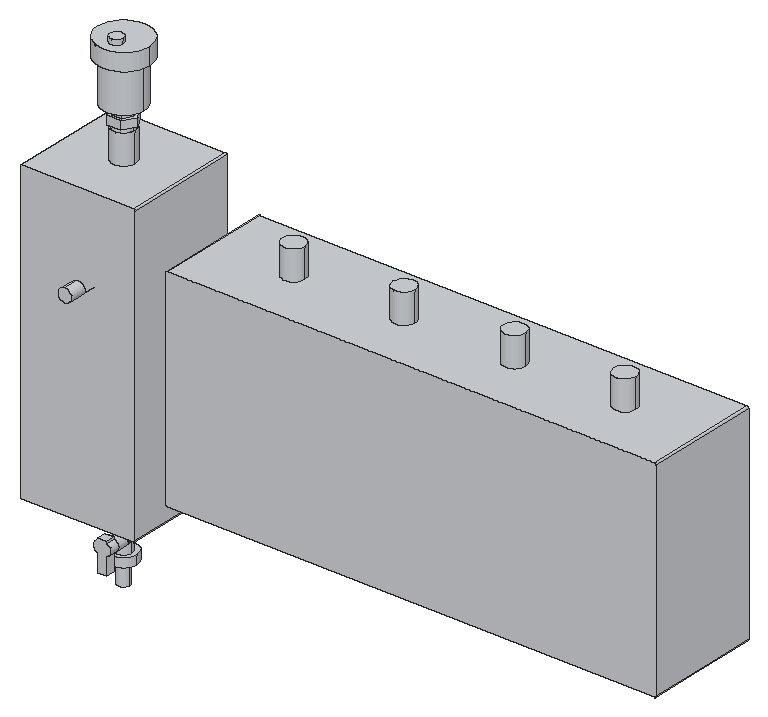
Revit family "318_948f5dd65d0044a1a0a2308d86646a", category Pipe Accessories, Revit 2022
Family settings
  Round Connector Dimension = Use Diameter
  Part Type = Valve - Normal
  Work Plane-Based = No
  Always vertical = Yes
  Cut with Voids When Loaded = No
  Shared = No
Parameters (values of type "2192 11402")
  magiProductId = "948f5dd65d0044a1a0a2308d86646a"
  magiProductFamilyId = "948f5dd65d0044a1a0a2308d86646a"
  magiPartTypeId = 318
  Z1 = 29.4 mm
  VersionID = "2.0/2020.4.30.1/FAR_2192_001"
  TR1 = 29.25 mm
  TR = 22.75 mm
  RT2 = 11.7 mm
  RT1 = 15.6 mm
  RT = 7.5 mm
  RR3 = 15 mm
  RR = 13 mm
  RC1 = 14.4 mm
  RC = 27 mm
  R2 = 7.5 mm
  R = 12.5 mm
  QmdConnectorList = "321;MP1;322;D;323;D;351;MP3;352;D;353;D"
  Productdata [instance] = "© MagiCAD Group, all rights reserved"
  NR1 = 9.375 mm
  NR = 6.75 mm
  N3 = no
  N = 2
  Manufacturer = "FAR"
  MP3 = 32 mm
  MP1 = 32 mm
  MC Product Code = "2192 11402"
  MC Piping Pressure Drop 2 [instance] = 0.0 Pa
  MC Piping Pressure Drop 1 [instance] = 0.0 Pa
  MC Piping Flow 2:2 [instance] = 0.0 L/s
  MC Piping Flow 2:1 [instance] = 0.0 L/s
  MC Piping Flow 1:2 [instance] = 0.0 L/s
  MC Piping Flow 1:1 [instance] = 0.0 L/s
  MC Piping Flow [instance] = 0.0 L/s
  LM = 140 mm
  LL = 100 mm
  L1__ve = -L1  # -15 mm
  L1 = 15 mm
  L = 200 mm
  HT1 = 102 mm
  HT = 135 mm
  HH__ve = -HH  # -83 mm
  HH = 83 mm
  H = 125 mm
  G2__ve = -G2  # -130 mm
  G2 = 130 mm
  Flow supply main [instance] = Flow supply 1 + Flow supply 2  # 0.0 L/s
  Flow supply 2 [instance] = 0.0 L/s
  Flow supply 1 [instance] = 0.0 L/s
  Flow return main [instance] = Flow return 1 + Flow return 2  # 0.0 L/s
  Flow return 2 [instance] = 0.0 L/s
  Flow return 1 [instance] = 0.0 L/s
  FT__ve = -FT  # -15 mm
  FT = 15 mm
  F = 125 mm
  ER = 4.8 mm
  EE = 8 mm
  E4 = 9.6 mm
  E3 = 19.2 mm
  E2 = 48 mm
  E12__ve = -E12  # -33 mm
  E12 = 33 mm
  E = 96 mm
  Description = "Central heating distr. unit, 2+1 ports, 1\"1/4 side conn."
  Default Elevation = 0 mm
  DM3 = 20 mm
  DM2 = 16.25 mm
  D2 = 15 mm
  D = 25 mm
  CenSd_RT2_6 = RT2 * cos(30.00°)  # 10.132 mm
  CenSd_RT1_6 = RT1 * cos(30.00°)  # 13.51 mm
  CenSd_DM3_6 = DM3 * cos(30.00°)  # 17.321 mm
  CenSd_DM2_6 = DM2 * cos(30.00°)  # 14.073 mm
  CAT0 = yes
  CAT = 0
  C = 65 mm
  BLL = 92.5 mm
  BL = 555 mm
  BB = 144 mm
  B = 755 mm
  AA = 470 mm
  A = 59 mm
Reference planes
  plane 1 "Center (Front/Back)": y = 0
  plane 2 "XYPLANE": z = 0
  plane 3 "Center (Left/Right)": x = 0
  plane 4 "663": z = 85
  plane 5 "647": x = 917.5
  plane 6 "646": x = 792.5
  plane 7 "645": x = 667.5
  plane 8 "644": x = 542.5
  plane 9 "643": x = 417.5
  plane 10 "642": x = 292.5
  plane 11 "632": x = 755
  plane 12 "631": z = 52
  plane 13 "630": z = -186
  plane 14 "619": y = -10
  plane 15 "617": z = 226.2
  plane 16 "616": z = 207
  plane 17 "615": z = 159
  plane 18 "614": z = 149.4
  plane 19 "613": z = 139.8
  plane 20 "612": z = 135
  plane 21 "574": z = -304
  plane 22 "555": x = 30
  plane 23 "554": x = 15
  plane 24 "548": y = 65
  plane 25 "547": x = 165
  plane 26 "506": z = -273
  plane 27 "505": z = -286
  plane 28 "504": z = -306
  plane 29 "503": z = -271
  plane 30 "502": z = -281
  plane 31 "482": z = -294
  plane 32 "470": x = 95
  plane 33 "469": x = 105
  plane 34 "464": y = -20
  plane 35 "425": z = -236
  plane 36 "421": z = -269
  plane 37 "412": x = 35
  plane 38 "410": z = 102
  plane 39 "399": z = -125
  plane 40 "309": x = 185
  plane 41 "77": y = 0
  plane 42 "76": z = 0
  plane 43 "75": x = 100
  plane 44 "74": x = 0
  plane 45 "73": x = 200
Forms (mm)
  Extrusion 1, solid
    sketch origin (-750, 0, -186) x (1, 0, 0) y (0, 1, 0)
      loop
        circle (1292.5, 0) r 12.5
    from 0 to -33 <- "E12__ve"
  Extrusion 2, solid
    sketch origin (-750, 0, -186) x (1, 0, 0) y (0, 1, 0)
      loop
        circle (1167.5, 0) r 12.5
    from 0 to -33 <- "E12__ve"
  Extrusion 3, solid, visible <- "N3"
    sketch origin (-750, 0, 52) x (1, 0, 0) y (0, 1, 0)
      loop
        circle (1667.5, 0) r 12.5
    from 0 to 33 <- "E12"
  Extrusion 4, solid, visible <- "N3"
    sketch origin (-750, 0, 52) x (1, 0, 0) y (0, 1, 0)
      loop
        circle (1542.5, 0) r 12.5
    from 0 to 33 <- "E12"
  Extrusion 5, solid
    sketch origin (-750, 0, 52) x (1, 0, 0) y (0, 1, 0)
      loop
        circle (1417.5, 0) r 12.5
    from 0 to 33 <- "E12"
  Extrusion 6, solid
    sketch origin (-750, 0, 52) x (1, 0, 0) y (0, 1, 0)
      loop
        circle (1292.5, 0) r 12.5
    from 0 to 33 <- "E12"
  Extrusion 7, solid
    sketch origin (-750, 0, 52) x (1, 0, 0) y (0, 1, 0)
      loop
        circle (1167.5, 0) r 12.5
    from 0 to 33 <- "E12"
  Extrusion 8, solid
    sketch origin (-750, 0, 52) x (1, 0, 0) y (0, 1, 0)
      loop
        circle (1042.5, 0) r 12.5
    from 0 to 33 <- "E12"
  Extrusion 9, solid
    sketch origin (750, 65, 0) x (-1, 0, 0) y (0, 0, 1)
      loop
        arc (548, -186) -> (549.414, -185.414) -> (550, -184) r 2
        line (550, -184) -> (550, 50)
        arc (550, 50) -> (549.414, 51.414) -> (548, 52) r 2
        line (548, 52) -> (-3, 52)
        arc (-3, 52) -> (-4.414, 51.414) -> (-5, 50) r 2
        line (-5, 50) -> (-5, -184)
        arc (-5, -184) -> (-4.414, -185.414) -> (-3, -186) r 2
        line (-3, -186) -> (548, -186)
    from 0 to -130 <- "G2__ve"
  Extrusion 10, solid
    sketch origin (200, -750, 0) x (0, 1, 0) y (0, 0, 1)
      loop
        circle (750, -125) r 12.5
    from 0 to -15 <- "FT__ve"
  Extrusion 11, solid
    sketch origin (200, -750, 0) x (0, 1, 0) y (0, 0, 1)
      loop
        circle (750, 0) r 12.5
    from 0 to -15 <- "FT__ve"
  Extrusion 12, solid
    sketch origin (-750, 0, 226.2) x (1, 0, 0) y (0, 1, 0)
      loop
        circle (850, -10) r 7.5
    from 0 to 4.8 <- "ER"
  Extrusion 13, solid
    sketch origin (-750, 0, 207) x (1, 0, 0) y (0, 1, 0)
      loop
        circle (850, 0) r 29.25
    from 0 to 19.2 <- "E3"
  Extrusion 14, solid
    sketch origin (-750, 0, 159) x (1, 0, 0) y (0, 1, 0)
      loop
        circle (850, 0) r 22.75
    from 0 to 48 <- "E2"
  Extrusion 15, solid
    sketch origin (-750, 0, 149.4) x (1, 0, 0) y (0, 1, 0)
      loop
        line (861.7, 0) -> (855.85, 10.132) -> (844.15, 10.132) -> (838.3, 0) -> (844.15, -10.132) -> (855.85, -10.132) -> (861.7, 0)
    from 0 to 9.6 <- "E4"
  Extrusion 16, solid
    sketch origin (-750, 0, 139.8) x (1, 0, 0) y (0, 1, 0)
      loop
        line (865.6, 0) -> (857.8, 13.51) -> (842.2, 13.51) -> (834.4, 0) -> (842.2, -13.51) -> (857.8, -13.51) -> (865.6, 0)
    from 0 to 9.6 <- "E4"
  Extrusion 17, solid
    sketch origin (-750, 0, 135) x (1, 0, 0) y (0, 1, 0)
      loop
        circle (850, 0) r 11.7
    from 0 to 4.8 <- "ER"
  Extrusion 18, solid
    sketch origin (0, -750, 0) x (0, 1, 0) y (0, 0, 1)
      loop
        line (750, 16.25) -> (735.927, 8.125) -> (735.927, -8.125) -> (750, -16.25) -> (764.073, -8.125) -> (764.073, 8.125) -> (750, 16.25)
      loop
        circle (750, 0) r 12.5
    from 0 to 15 <- "FT"
  Extrusion 19, solid
    sketch origin (0, -750, 0) x (0, 1, 0) y (0, 0, 1)
      loop
        line (750, -108.75) -> (735.927, -116.875) -> (735.927, -133.125) -> (750, -141.25) -> (764.073, -133.125) -> (764.073, -116.875) -> (750, -108.75)
      loop
        circle (750, -125) r 12.5
    from 0 to 15 <- "FT"
  Extrusion 20, solid
    sketch origin (-750, 0, -294) x (1, 0, 0) y (0, 1, 0)
      loop
        circle (850, 0) r 15
    from 0 to -10
  Extrusion 21, solid
    sketch origin (-750, 0, -304) x (1, 0, 0) y (0, 1, 0)
      loop
        circle (850, 0) r 6.75
    from 0 to -24
  Extrusion 22, solid
    sketch origin (15, -750, 0) x (0, 1, 0) y (0, 0, 1)
      loop
        line (750, -105) -> (732.679, -115) -> (732.679, -135) -> (750, -145) -> (767.321, -135) -> (767.321, -115) -> (750, -105)
    from 0 to 15 <- "L1"
  Extrusion 23, solid
    sketch origin (15, -750, 0) x (0, 1, 0) y (0, 0, 1)
      loop
        line (750, 20) -> (732.679, 10) -> (732.679, -10) -> (750, -20) -> (767.321, -10) -> (767.321, 10) -> (750, 20)
    from 0 to 15 <- "L1"
  Extrusion 24, solid
    sketch origin (185, -750, 0) x (0, 1, 0) y (0, 0, 1)
      loop
        line (750, -105) -> (732.679, -115) -> (732.679, -135) -> (750, -145) -> (767.321, -135) -> (767.321, -115) -> (750, -105)
    from 0 to -15 <- "L1__ve"
  Extrusion 25, solid
    sketch origin (185, -750, 0) x (0, 1, 0) y (0, 0, 1)
      loop
        line (750, 20) -> (732.679, 10) -> (732.679, -10) -> (750, -20) -> (767.321, -10) -> (767.321, 10) -> (750, 20)
    from 0 to -15 <- "L1__ve"
  Extrusion 26, solid
    sketch origin (750, 65, 0) x (-1, 0, 0) y (0, 0, 1)
      loop
        arc (713, -236) -> (714.414, -235.414) -> (715, -234) r 2
        line (715, -234) -> (715, 100)
        arc (715, 100) -> (714.414, 101.414) -> (713, 102) r 2
        line (713, 102) -> (587, 102)
        arc (587, 102) -> (585.586, 101.414) -> (585, 100) r 2
        line (585, 100) -> (585, -234)
        arc (585, -234) -> (585.586, -235.414) -> (587, -236) r 2
        line (587, -236) -> (713, -236)
    from 0 to -130 <- "G2__ve"
  Extrusion 27, solid
    sketch origin (750, 0, 0) x (-1, 0, 0) y (0, 0, 1)
      loop
        circle (650, -281) r 8
    from 0 to -20
  Extrusion 28, solid
    sketch origin (750, -20, 0) x (-1, 0, 0) y (0, 0, 1)
      loop
        line (655, -273) -> (655, -271) -> (645, -271) -> (645, -273)
        arc (645, -273) -> (640, -279.5) -> (645, -286) r 6.725
        line (645, -286) -> (645, -306) -> (655, -306) -> (655, -286)
        arc (655, -286) -> (660, -279.5) -> (655, -273) r 6.725
    from 0 to -10
  Extrusion 29, solid
    sketch origin (-750, 0, -236) x (1, 0, 0) y (0, 1, 0)
      loop
        circle (850, 0) r 13
    from 0 to -33 <- "E12__ve"
  Extrusion 30, solid
    sketch origin (-750, 0, -269) x (1, 0, 0) y (0, 1, 0)
      loop
        circle (850, 0) r 9.375
    from 0 to -25
  Extrusion 31, solid
    sketch origin (750, 0, 0) x (-1, 0, 0) y (0, 0, 1)
      loop
        circle (650, 0) r 7.5
    from 0 to -83 <- "HH__ve"
  Extrusion 32, solid
    sketch origin (-750, 0, 102) x (1, 0, 0) y (0, 1, 0)
      loop
        circle (850, 0) r 13
    from 0 to 33 <- "E12"
  Extrusion 33, solid
    sketch origin (30, -750, 0) x (0, 1, 0) y (0, 0, 1)
      loop
        circle (750, -125) r 12.5
    from 0 to 140 <- "LM"
  Extrusion 34, solid
    sketch origin (30, -750, 0) x (0, 1, 0) y (0, 0, 1)
      loop
        circle (750, 0) r 12.5
    from 0 to 140 <- "LM"
  Extrusion 35, solid, not visible
    sketch origin (-750, 0, 85) x (1, 0, 0) y (0, 1, 0)
      loop
        circle (1417.5, 0) r 10
    from 0 to -10
  Extrusion 36, solid, not visible
    sketch origin (-750, 0, 85) x (1, 0, 0) y (0, 1, 0)
      loop
        circle (1292.5, 0) r 10
    from 0 to -10
  Extrusion 37, solid, not visible
    sketch origin (-750, 0, 85) x (1, 0, 0) y (0, 1, 0)
      loop
        circle (1167.5, 0) r 10
    from 0 to -10
  Extrusion 38, solid, not visible
    sketch origin (0, -750, 0) x (0, 1, 0) y (0, 0, 1)
      loop
        circle (750, -125) r 10
    from 0 to 10
  Extrusion 39, solid, not visible
    sketch origin (0, -750, 0) x (0, 1, 0) y (0, 0, 1)
      loop
        circle (750, 0) r 10
    from 0 to 10
  Extrusion 40, solid, not visible
    sketch origin (-750, 0, 85) x (1, 0, 0) y (0, 1, 0)
      loop
        circle (1042.5, 0) r 10
    from 0 to -10
Lines and regions (mm)
  reference lines, not visible
    curve 1: circle (2, 2, 0) r 1 normal (0, 0, 1)
  reference lines
    curve 2: line (100, 0, 149.4) -> (97.075, -5.066, 149.4)
    curve 3: line (100, 0, 149.4) -> (94.15, 0, 149.4)
    curve 4: line (100, 0, 149.4) -> (97.075, 5.066, 149.4)
    curve 5: line (100, 0, 139.8) -> (96.1, -6.755, 139.8)
    curve 6: line (100, 0, 139.8) -> (92.2, 0, 139.8)
    curve 7: line (100, 0, 139.8) -> (96.1, 6.755, 139.8)
    curve 8: line (0, 0, 0) -> (0, 7.036, -4.062)
    curve 9: line (0, 0, 0) -> (0, 0, -8.125)
    curve 10: line (0, 0, 0) -> (0, -7.036, -4.063)
    curve 11: line (0, 0, -125) -> (0, 7.036, -129.063)
    curve 12: line (0, 0, -125) -> (0, 0, -133.125)
    curve 13: line (0, 0, -125) -> (0, -7.036, -129.063)
    curve 14: line (15, 0, -125) -> (15, 8.66, -130)
    curve 15: line (15, 0, -125) -> (15, 0, -135)
    curve 16: line (15, 0, -125) -> (15, -8.66, -130)
    curve 17: line (15, 0, 0) -> (15, 8.66, -5)
    curve 18: line (15, 0, 0) -> (15, 0, -10)
    curve 19: line (15, 0, 0) -> (15, -8.66, -5)
    curve 20: line (185, 0, -125) -> (185, -8.66, -130)
    curve 21: line (185, 0, -125) -> (185, 0, -135)
    curve 22: line (185, 0, -125) -> (185, 8.66, -130)
    curve 23: line (185, 0, 0) -> (185, -8.66, -5)
    curve 24: line (185, 0, 0) -> (185, 0, -10)
    curve 25: line (185, 0, 0) -> (185, 8.66, -5)
    curve 26: line (105, -20, -273) -> (105, -20, -286)
    curve 27: line (95, -20, -286) -> (95, -20, -273)
Dimensions and locks
  plane 1 "Center (Front/Back)" to curve 1 = 2 mm
  "E12": plane 12 "631" to plane 4 "663"
  "H": plane 6 "646" to plane 5 "647"
  "H": plane 7 "645" to plane 6 "646"
  "H": plane 8 "644" to plane 7 "645"
  "H": plane 9 "643" to plane 8 "644"
  "H": plane 10 "642" to plane 9 "643"
  "BLL": plane 45 "73" to plane 10 "642"
  "B": plane 44 "74" to plane 11 "632"
  locked: plane 38 "410" to plane 12 "631" at 50
  locked: plane 35 "425" to plane 13 "630" at 50
  locked: plane 41 "77" to plane 14 "619" at 10
  "E3": plane 16 "616" to plane 15 "617"
  "E2": plane 17 "615" to plane 16 "616"
  "E4": plane 18 "614" to plane 17 "615"
  "E4": plane 19 "613" to plane 18 "614"
  "ER": plane 20 "612" to plane 19 "613"
  "E12": plane 38 "410" to plane 20 "612"
  locked: plane 31 "482" to plane 21 "574" at 10
  "L1": plane 23 "554" to plane 22 "555"
  "FT": plane 44 "74" to plane 23 "554"
  "C": plane 1 "Center (Front/Back)" to plane 24 "548"
  "C": plane 43 "75" to plane 25 "547"
  locked: plane 29 "503" to plane 26 "506" at 2
  locked: plane 28 "504" to plane 27 "505" at 20
  locked: plane 30 "502" to plane 28 "504" at 25
  locked: plane 30 "502" to plane 29 "503" at 10
  locked: plane 36 "421" to plane 30 "502" at 12
  locked: plane 36 "421" to plane 31 "482" at 25
  locked: plane 43 "75" to plane 32 "470" at 5
  locked: plane 43 "75" to plane 33 "469" at 5
  locked: plane 41 "77" to plane 34 "464" at 20
  "E12": plane 36 "421" to plane 35 "425"
  "BB": plane 39 "399" to plane 36 "421"
  "C": plane 43 "75" to plane 37 "412"
  "HT1": plane 2 "XYPLANE" to plane 38 "410"
  "F": plane 2 "XYPLANE" to plane 39 "399"
  "FT": plane 45 "73" to plane 40 "309"
  locked: plane 1 "Center (Front/Back)" to plane 41 "77"
  locked: plane 2 "XYPLANE" to plane 42 "76"
  "LL": plane 3 "Center (Left/Right)" to plane 43 "75"
  locked: plane 3 "Center (Left/Right)" to plane 44 "74"
  "L": plane 3 "Center (Left/Right)" to plane 45 "73"
  Extrusion 9 sketch curve to Extrusion 9 sketch curve = 0 mm  (x16)
  "CenSd_RT2_6": curve 2 to Extrusion 15 sketch curve  (x2)
  "CenSd_RT2_6": curve 3 to Extrusion 15 sketch curve  (x2)
  "CenSd_RT2_6": curve 4 to Extrusion 15 sketch curve  (x2)
  Extrusion 15 sketch curve to Extrusion 15 sketch curve = 0 mm  (x12)
  "CenSd_RT1_6": curve 5 to Extrusion 16 sketch curve  (x2)
  "CenSd_RT1_6": curve 6 to Extrusion 16 sketch curve  (x2)
  "CenSd_RT1_6": curve 7 to Extrusion 16 sketch curve  (x2)
  Extrusion 16 sketch curve to Extrusion 16 sketch curve = 0 mm  (x12)
  "CenSd_DM2_6": curve 8 to Extrusion 18 sketch curve  (x2)
  "CenSd_DM2_6": curve 9 to Extrusion 18 sketch curve  (x2)
  "CenSd_DM2_6": curve 10 to Extrusion 18 sketch curve  (x2)
  Extrusion 18 sketch curve to Extrusion 18 sketch curve = 0 mm  (x12)
  "CenSd_DM2_6": curve 11 to Extrusion 19 sketch curve  (x2)
  "CenSd_DM2_6": curve 12 to Extrusion 19 sketch curve  (x2)
  "CenSd_DM2_6": curve 13 to Extrusion 19 sketch curve  (x2)
  Extrusion 19 sketch curve to Extrusion 19 sketch curve = 0 mm  (x12)
  "CenSd_DM3_6": curve 14 to Extrusion 22 sketch curve  (x2)
  "CenSd_DM3_6": curve 15 to Extrusion 22 sketch curve  (x2)
  "CenSd_DM3_6": curve 16 to Extrusion 22 sketch curve  (x2)
  Extrusion 22 sketch curve to Extrusion 22 sketch curve = 0 mm  (x12)
  "CenSd_DM3_6": curve 17 to Extrusion 23 sketch curve  (x2)
  "CenSd_DM3_6": curve 18 to Extrusion 23 sketch curve  (x2)
  "CenSd_DM3_6": curve 19 to Extrusion 23 sketch curve  (x2)
  Extrusion 23 sketch curve to Extrusion 23 sketch curve = 0 mm  (x12)
  "CenSd_DM3_6": curve 20 to Extrusion 24 sketch curve  (x2)
  "CenSd_DM3_6": curve 21 to Extrusion 24 sketch curve  (x2)
  "CenSd_DM3_6": curve 22 to Extrusion 24 sketch curve  (x2)
  Extrusion 24 sketch curve to Extrusion 24 sketch curve = 0 mm  (x12)
  "CenSd_DM3_6": curve 23 to Extrusion 25 sketch curve  (x2)
  "CenSd_DM3_6": curve 24 to Extrusion 25 sketch curve  (x2)
  "CenSd_DM3_6": curve 25 to Extrusion 25 sketch curve  (x2)
  Extrusion 25 sketch curve to Extrusion 25 sketch curve = 0 mm  (x12)
  Extrusion 26 sketch curve to Extrusion 26 sketch curve = 0 mm  (x16)
  Extrusion 28 sketch curve to Extrusion 28 sketch curve = 0 mm  (x16)
  "R": radius of Extrusion 1 sketch curve
  "R": radius of Extrusion 2 sketch curve
  "R": radius of Extrusion 3 sketch curve
  "R": radius of Extrusion 4 sketch curve
  "R": radius of Extrusion 5 sketch curve
  "R": radius of Extrusion 6 sketch curve
  "R": radius of Extrusion 7 sketch curve
  "R": radius of Extrusion 8 sketch curve
  radius of Extrusion 9 sketch curve = 2 mm  (x4)
  "R": radius of Extrusion 10 sketch curve
  "R": radius of Extrusion 11 sketch curve
  "RT": radius of Extrusion 12 sketch curve
  "TR1": radius of Extrusion 13 sketch curve
  "TR": radius of Extrusion 14 sketch curve
  "RT2": radius of Extrusion 17 sketch curve
  "R": radius of Extrusion 18 sketch curve
  "R": radius of Extrusion 19 sketch curve
  "RR3": radius of Extrusion 20 sketch curve
  "NR": radius of Extrusion 21 sketch curve
  radius of Extrusion 26 sketch curve = 2 mm  (x4)
  "EE": radius of Extrusion 27 sketch curve
  "RR": radius of Extrusion 29 sketch curve
  "NR1": radius of Extrusion 30 sketch curve
  "R2": radius of Extrusion 31 sketch curve
  "RR": radius of Extrusion 32 sketch curve
  "R": radius of Extrusion 33 sketch curve
  "R": radius of Extrusion 34 sketch curve
  locked: curve 3 to curve 2 (angle 60.00°)
  locked: curve 4 to curve 3 (angle 60.00°)
  locked: curve 4 to curve 2 (angle 120.00°)
  locked: curve 6 to curve 5 (angle 60.00°)
  locked: curve 7 to curve 6 (angle 60.00°)
  locked: curve 7 to curve 5 (angle 120.00°)
  locked: curve 9 to curve 8 (angle 60.00°)
  locked: curve 10 to curve 9 (angle 60.00°)
  locked: curve 10 to curve 8 (angle 120.00°)
  locked: curve 12 to curve 11 (angle 60.00°)
  locked: curve 13 to curve 12 (angle 60.00°)
  locked: curve 13 to curve 11 (angle 120.00°)
  locked: curve 15 to curve 14 (angle 60.00°)
  locked: curve 16 to curve 15 (angle 60.00°)
  locked: curve 16 to curve 14 (angle 120.00°)
  locked: curve 18 to curve 17 (angle 60.00°)
  locked: curve 19 to curve 18 (angle 60.00°)
  locked: curve 19 to curve 17 (angle 120.00°)
  locked: curve 21 to curve 20 (angle 60.00°)
  locked: curve 22 to curve 21 (angle 60.00°)
  locked: curve 22 to curve 20 (angle 120.00°)
  locked: curve 24 to curve 23 (angle 60.00°)
  locked: curve 25 to curve 24 (angle 60.00°)
  locked: curve 25 to curve 23 (angle 120.00°)
  aligned and locked: level to plane 2 "XYPLANE"
  aligned and locked: plane 8 "644" to Extrusion 1 sketch curve
  aligned and locked: plane 41 "77" to Extrusion 1 sketch curve
  aligned and locked: plane 9 "643" to Extrusion 2 sketch curve
  aligned and locked: plane 41 "77" to Extrusion 2 sketch curve
  aligned and locked: plane 5 "647" to Extrusion 3 sketch curve
  aligned and locked: Extrusion 3 sketch curve to plane 41 "77"
  aligned and locked: plane 6 "646" to Extrusion 4 sketch curve
  aligned and locked: Extrusion 4 sketch curve to plane 41 "77"
  aligned and locked: plane 7 "645" to Extrusion 5 sketch curve
  aligned and locked: plane 41 "77" to Extrusion 5 sketch curve
  aligned and locked: plane 8 "644" to Extrusion 6 sketch curve
  aligned and locked: plane 41 "77" to Extrusion 6 sketch curve
  aligned and locked: plane 9 "643" to Extrusion 7 sketch curve
  aligned and locked: plane 41 "77" to Extrusion 7 sketch curve
  aligned and locked: plane 10 "642" to Extrusion 8 sketch curve
  aligned and locked: plane 41 "77" to Extrusion 8 sketch curve
  aligned and locked: Extrusion 9 sketch curve to plane 45 "73"
  aligned and locked: Extrusion 9 sketch curve to plane 12 "631"
  aligned and locked: Extrusion 9 sketch curve to plane 11 "632"
  aligned and locked: Extrusion 9 sketch curve to plane 13 "630"
  aligned and locked: plane 39 "399" to Extrusion 10 sketch curve
  aligned and locked: Extrusion 10 sketch curve to plane 41 "77"
  aligned and locked: Extrusion 11 sketch curve to plane 41 "77"
  aligned and locked: plane 42 "76" to Extrusion 11 sketch curve
  aligned and locked: plane 14 "619" to Extrusion 12 sketch curve
  aligned and locked: plane 43 "75" to Extrusion 12 sketch curve
  aligned and locked: plane 41 "77" to Extrusion 13 sketch curve
  aligned and locked: plane 43 "75" to Extrusion 13 sketch curve
  aligned and locked: plane 41 "77" to Extrusion 14 sketch curve
  aligned and locked: plane 43 "75" to Extrusion 14 sketch curve
  aligned and locked: plane 41 "77" to curve 4
  aligned and locked: plane 43 "75" to curve 4
  aligned and locked: plane 41 "77" to curve 7
  aligned and locked: plane 43 "75" to curve 7
  aligned and locked: plane 41 "77" to Extrusion 17 sketch curve
  aligned and locked: plane 43 "75" to Extrusion 17 sketch curve
  aligned and locked: curve 10 to plane 41 "77"
  aligned and locked: plane 42 "76" to curve 10
  aligned and locked: Extrusion 18 sketch curve to plane 41 "77"
  aligned and locked: plane 42 "76" to Extrusion 18 sketch curve
  aligned and locked: plane 39 "399" to curve 12
  aligned and locked: curve 12 to plane 41 "77"
  aligned and locked: plane 39 "399" to Extrusion 19 sketch curve
  aligned and locked: Extrusion 19 sketch curve to plane 41 "77"
  aligned and locked: plane 41 "77" to Extrusion 20 sketch curve
  aligned and locked: plane 43 "75" to Extrusion 20 sketch curve
  aligned and locked: plane 41 "77" to Extrusion 21 sketch curve
  aligned and locked: plane 43 "75" to Extrusion 21 sketch curve
  aligned and locked: plane 39 "399" to curve 16
  aligned and locked: curve 16 to plane 41 "77"
  aligned and locked: curve 18 to plane 41 "77"
  aligned and locked: plane 42 "76" to curve 18
  aligned and locked: plane 39 "399" to curve 22
  aligned and locked: curve 22 to plane 41 "77"
  aligned and locked: curve 24 to plane 41 "77"
  aligned and locked: plane 42 "76" to curve 24
  aligned and locked: Extrusion 26 sketch curve to plane 37 "412"
  aligned and locked: Extrusion 26 sketch curve to plane 38 "410"
  aligned and locked: Extrusion 26 sketch curve to plane 25 "547"
  aligned and locked: plane 35 "425" to Extrusion 26 sketch curve
  aligned and locked: plane 30 "502" to Extrusion 27 sketch curve
  aligned and locked: Extrusion 27 sketch curve to plane 43 "75"
  aligned and locked: Extrusion 28 sketch curve to plane 32 "470"  (x3)
  aligned and locked: plane 26 "506" to Extrusion 28 sketch curve  (x2)
  aligned and locked: Extrusion 28 sketch curve to plane 29 "503"
  aligned and locked: plane 33 "469" to Extrusion 28 sketch curve  (x2)
  aligned and locked: plane 29 "503" to Extrusion 28 sketch curve
  aligned and locked: plane 33 "469" to curve 26
  aligned and locked: plane 26 "506" to curve 26
  aligned and locked: plane 27 "505" to curve 26
  aligned and locked: plane 27 "505" to Extrusion 28 sketch curve  (x2)
  aligned and locked: plane 28 "504" to Extrusion 28 sketch curve  (x2)
  aligned and locked: Extrusion 28 sketch curve to plane 33 "469"
  aligned and locked: curve 27 to plane 32 "470"
  aligned and locked: plane 27 "505" to curve 27
  aligned and locked: plane 26 "506" to curve 27
  aligned and locked: plane 41 "77" to Extrusion 29 sketch curve
  aligned and locked: plane 43 "75" to Extrusion 29 sketch curve
  aligned and locked: plane 41 "77" to Extrusion 30 sketch curve
  aligned and locked: plane 43 "75" to Extrusion 30 sketch curve
  aligned and locked: plane 42 "76" to Extrusion 31 sketch curve
  aligned and locked: Extrusion 31 sketch curve to plane 43 "75"
  aligned and locked: plane 41 "77" to Extrusion 32 sketch curve
  aligned and locked: plane 43 "75" to Extrusion 32 sketch curve
  aligned and locked: plane 39 "399" to Extrusion 33 sketch curve
  aligned and locked: Extrusion 33 sketch curve to plane 41 "77"
  aligned and locked: Extrusion 34 sketch curve to plane 41 "77"
  aligned and locked: plane 42 "76" to Extrusion 34 sketch curve
  aligned and locked: plane 7 "645" to Extrusion 35 sketch curve
  aligned and locked: plane 41 "77" to Extrusion 35 sketch curve
  aligned and locked: plane 8 "644" to Extrusion 36 sketch curve
  aligned and locked: plane 41 "77" to Extrusion 36 sketch curve
  aligned and locked: plane 9 "643" to Extrusion 37 sketch curve
  aligned and locked: plane 41 "77" to Extrusion 37 sketch curve
  aligned and locked: plane 39 "399" to Extrusion 38 sketch curve
  aligned and locked: Extrusion 38 sketch curve to plane 41 "77"
  aligned and locked: Extrusion 39 sketch curve to plane 41 "77"
  aligned and locked: plane 42 "76" to Extrusion 39 sketch curve
  aligned and locked: plane 10 "642" to Extrusion 40 sketch curve
  aligned and locked: plane 41 "77" to Extrusion 40 sketch curve
Automatic sketch dimensions
  Extrusion 28 sketch curve to plane 33 "469" = 1.725 mm
  plane 32 "470" to Extrusion 28 sketch curve = 1.725 mm
  Extrusion 35 sketch curve to plane 14 "619" = 0 mm
  Extrusion 36 sketch curve to plane 14 "619" = 0 mm
  Extrusion 37 sketch curve to plane 14 "619" = 0 mm
  Extrusion 38 sketch curve to plane 14 "619" = 0 mm
  Extrusion 39 sketch curve to plane 14 "619" = 0 mm
  Extrusion 40 sketch curve to plane 14 "619" = 0 mm
  plane 3 "Center (Left/Right)" to curve 1 = 2 mm
  radius of curve 1 = 1 mm
Connectors
  piping at (0, 0, 0), diameter 32, driven by "Flow supply main", driven by "MP1"
    settings: on Extrusion 39, index 1, connector inside diameter 609.6 mm, connector length 0 mm, flow factor 0, pipe flow 0.0 L/s, pressure drop 0.0 Pa, fitting loss kfactor 0, connector angle 0.00°, fixture units 0, engagement length 0 mm, angle of deflection 0.00°, flow configuration 1, flow direction 1, fitting loss method 0, system type 7, joint type 0, gender type 0, connector reference index -1, connector utility 0, adjustable connector no, is connector primary yes, connector description "Main_1_1"
  piping at (292.5, 0, 85), diameter 25, driven by "Flow supply 1", driven by "D"
    settings: on Extrusion 40, index 2, connector inside diameter 609.6 mm, connector length 0 mm, flow factor 0, pipe flow 0.0 L/s, pressure drop 0.0 Pa, fitting loss kfactor 0, connector angle 0.00°, fixture units 0, engagement length 0 mm, angle of deflection 0.00°, flow configuration 0, flow direction 2, fitting loss method 0, system type 7, joint type 0, gender type 0, connector reference index -1, connector utility 0, adjustable connector no, is connector primary no, connector description "Branch_1_1"
  piping at (542.5, 0, 85), diameter 25, driven by "Flow supply 2", driven by "D"
    settings: on Extrusion 36, index 3, connector inside diameter 609.6 mm, connector length 0 mm, flow factor 0, pipe flow 0.0 L/s, pressure drop 0.0 Pa, fitting loss kfactor 0, connector angle 0.00°, fixture units 0, engagement length 0 mm, angle of deflection 0.00°, flow configuration 0, flow direction 2, fitting loss method 0, system type 7, joint type 0, gender type 0, connector reference index -1, connector utility 0, adjustable connector no, is connector primary no, connector description "Branch_1_2"
  piping at (0, 0, -125), diameter 32, driven by "Flow return main", driven by "MP3"
    settings: on Extrusion 38, index 4, connector inside diameter 609.6 mm, connector length 0 mm, flow factor 0, pipe flow 0.0 L/s, pressure drop 0.0 Pa, fitting loss kfactor 0, connector angle 0.00°, fixture units 0, engagement length 0 mm, angle of deflection 0.00°, flow configuration 1, flow direction 2, fitting loss method 0, system type 8, joint type 0, gender type 0, connector reference index -1, connector utility 0, adjustable connector no, is connector primary no, connector description "Main_2_1"
  piping at (417.5, 0, 85), diameter 25, driven by "Flow return 1", driven by "D"
    settings: on Extrusion 37, index 5, connector inside diameter 609.6 mm, connector length 0 mm, flow factor 0, pipe flow 0.0 L/s, pressure drop 0.0 Pa, fitting loss kfactor 0, connector angle 0.00°, fixture units 0, engagement length 0 mm, angle of deflection 0.00°, flow configuration 0, flow direction 1, fitting loss method 0, system type 8, joint type 0, gender type 0, connector reference index -1, connector utility 0, adjustable connector no, is connector primary no, connector description "Branch_2_1"
  piping at (667.5, 0, 85), diameter 25, driven by "Flow return 2", driven by "D"
    settings: on Extrusion 35, index 6, connector inside diameter 609.6 mm, connector length 0 mm, flow factor 0, pipe flow 0.0 L/s, pressure drop 0.0 Pa, fitting loss kfactor 0, connector angle 0.00°, fixture units 0, engagement length 0 mm, angle of deflection 0.00°, flow configuration 0, flow direction 1, fitting loss method 0, system type 8, joint type 0, gender type 0, connector reference index -1, connector utility 0, adjustable connector no, is connector primary no, connector description "Branch_2_2"
